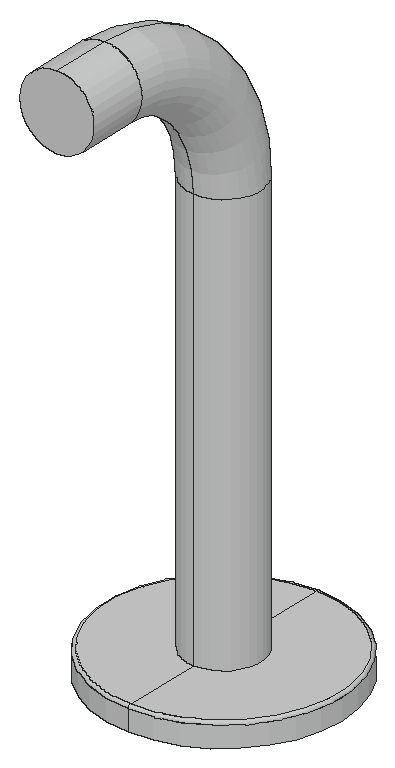
Revit family "Spout_BasinBath_Abey_LuciaBuilders_200_FaceBased", category Plumbing Fixtures, host Face, Revit 2022
Family settings
  Host = Face
  Round Connector Dimension = Use Diameter
  Part Type = Normal
  OmniClass Number = 23.31.11.19
  OmniClass Title = Faucet Mixing Valves
  Cut with Voids When Loaded = Yes
  Maintain Annotation Orientation = No
  Shared = No
  Room Calculation Point = No
Parameters (values of type "Chrome (4CS-200-LF)")
  Waste Connection = no
  Vent Connection = no
  Uniclass2015Version = "Products v1.38"
  Uniclass2015Title = "Mixer taps"
  Uniclass2015Code = "Pr_40_20_87_55"
  URL = "https://www.abey.com.au/"
  Type Comments = "Spout - Basin Bath - 200 - Chrome"
  ModifiedIssue = 20251103
  Model = "4CS-200-LF"
  Material = Metal_Abey_Chrome
  ManufacturerURLProductSpecific = "https://www.abeyspecifier.com.au/product/lucia-builders-basin-bath-outlet-200mm/"
  ManufacturerSpecCode = Model  # "4CS-200-LF"
  ManufacturerOverallWidth = 80 mm  # constant formula
  ManufacturerOverallHeight = 110 mm  # constant formula
  ManufacturerOverallDepth = 212.5 mm  # constant formula
  Manufacturer = "Abey"
  Keynote = ""
  IfcExportType = "FAUCET"
  IfcExportAs = "IfcValve"
  HW Connection = yes
  Description = "Lucia Builders 200mm Basin/Bath Spout Chrome"
  Default Elevation = 1050 mm
  CreatedByURL = "https://igsgroup.com.au"
  CreatedBy = "IGS BIM Solutions"  # constant formula
  Cost = 0
  CW Connection = yes
  Assembly Code = "C1030210"
Types (3, lengths in mm): name | Type Comments | Model | Material | ManufacturerURLProductSpecific | ManufacturerSpecCode | Description
  Chrome (4CS-200-LF) | "Spout - Basin Bath - 200 - Chrome" | "4CS-200-LF" | Metal_Abey_Chrome | "https://www.abeyspecifier.com.au/product/lucia-builders-basin-bath-outlet-200mm/" | "4CS-200-LF" | "Lucia Builders 200mm Basin/Bath Spout Chrome"
  Brushed Nickel (4CS-200-BN-LF) | "Spout - Basin Bath - 200 - Brushed Nickel" | "4CS-200-BN-LF" | Metal_Abey_BrushedNickel | "https://www.abeyspecifier.com.au/product/lucia-builders-basin-bath-outlet-200mm/?attribute_pa_finish=brushed-nickel" | "4CS-200-BN-LF" | "Lucia Builders 200mm Basin/Bath Spout Brushed Nickel"
  Black (4CS-200-B-LF) | "Spout - Basin Bath - 200 - Black" | "4CS-200-B-LF" | Metal_Abey_Black | "https://www.abeyspecifier.com.au/product/lucia-builders-basin-bath-outlet-200mm/?attribute_pa_finish=black" | "4CS-200-B-LF" | "Lucia Builders 200mm Basin/Bath Spout Black"
Reference planes
  plane 1 "Top": y = 31.5
  plane 2 "WallFace": z = 0
  plane 3 "Center (Left/Right)": x = -97.18
  plane 4 "Bottom": y = -78.5
  plane 5 "Left": x = -137.18
  plane 6 "Right": x = -57.18
  plane 7 "Back": z = 0
  plane 8 "Front": z = 212.5
  plane 9 "MountingHeight": y = -8.5
Forms (mm)
  Extrusion 1, void
    sketch origin (0, 0, 0) x (1, 0, 0) y (0, 1, 0)
      loop
        circle (-97.18, -8.5) r 15
    from 0 to -30
Text (mm)
  text "Disclaimer:\nDue to ongoing product development and manufacturing evolution, product details are subject to change without notice. Please refer to product technical data sheets on the manufacturers website for the most current product information. Please allow a +/- 5mm manufacturing tolerance for dimensions and set-outs shown in product literature." at (431.593, 11.453, 0), in view "Ref. Level"
Dimensions and locks
  equal spacing: plane 5 "Left", plane 3 "Center (Left/Right)", plane 6 "Right"
  "ManufacturerOverallWidth": plane 5 "Left" to plane 6 "Right"
  "ManufacturerOverallHeight": plane 4 "Bottom" to plane 1 "Top"
  "ManufacturerOverallDepth": plane 8 "Front" to plane 7 "Back"
  locked: plane 9 "MountingHeight" to plane 1 "Top" at 40
  aligned and locked: plane 2 "WallFace" to host face
  aligned and locked: level to host face
  aligned and locked: plane 7 "Back" to plane 2 "WallFace"
  aligned and locked: plane 7 "Back" to nested 1
  aligned and locked: plane 3 "Center (Left/Right)" to nested 1
  aligned and locked: nested 1 to plane 9 "MountingHeight"
Automatic sketch dimensions
  host sketch curve to host sketch curve = 329.098 mm
  host sketch curve to host sketch curve = 282.2 mm
  Extrusion 1 sketch curve to plane 9 "MountingHeight" = 0 mm
  Extrusion 1 sketch curve to plane 5 "Left" = 40 mm
  radius of Extrusion 1 sketch curve = 15 mm
Nested families
  nested 1: "z_Spout_BasinBath_Abey_LuciaBuilders_200" at (-42.174, -8.5, 305) x (1, 0, 0) z (0, 1, 0), type "Type 1"
Connectors
  piping at (-104.53, -8.5, -1), diameter 12.7, driven by "HW Connection"
    settings: on nested 1, index 1, connector inside diameter 24", connector length 0 mm, flow factor 0, pipe flow 0.00 L/s, pressure drop 0 kPa, fitting loss kfactor 0, connector angle 0.00°, fixture units 0, engagement length 0 mm, angle of deflection 0.00°, flow configuration 2, flow direction 1, fitting loss method 0, system type 19, joint type 0, gender type 0, connector reference index -1, connector utility 1, adjustable connector no, is connector primary yes, connector description "Hot Water Supply"
  piping at (-89.83, -8.5, -1), diameter 12.7, driven by "CW Connection"
    settings: on nested 1, index 2, connector inside diameter 24", connector length 0 mm, flow factor 0, pipe flow 0.00 L/s, pressure drop 0 kPa, fitting loss kfactor 0, connector angle 0.00°, fixture units 0, engagement length 0 mm, angle of deflection 0.00°, flow configuration 2, flow direction 1, fitting loss method 0, system type 20, joint type 0, gender type 0, connector reference index -1, connector utility 1, adjustable connector no, is connector primary no, connector description "Cold Water Supply"
Definition of nested family "z_Spout_BasinBath_Abey_LuciaBuilders_200"
  Parameters (values of type "Type 1")
    Waste Connection = no
    Vent Connection = no
    URL = "https://www.abey.com.au/"
    Type Comments = ""
    Model = ""
    ManufacturerOverallWidth = 80 mm  # constant formula
    ManufacturerOverallHeight = 110 mm  # constant formula
    ManufacturerOverallDepth = 212.5 mm  # constant formula
    Manufacturer = "Abey"
    HW Connection = yes
    Description = ""
    Default Elevation = 0 mm
    CreatedByURL = "https://igsgroup.com.au"
    CreatedBy = "IGS BIM Solutions"  # constant formula
    CW Connection = yes
    Material = none
    Assembly Code = "C1030210"
  Reference planes
    plane 1 "Ref. Level": z = 0
    plane 2 "Left": x = -95.006
    plane 3 "Back": y = 305
    plane 4 "SpoutCenter": y = 105
    plane 5 "Center (Left/Right)": x = -55.006
    plane 6 "Front": y = 92.5
    plane 7 "Right": x = -15.006
    plane 8 "Bottom": z = -70
    plane 9 "Top": z = 40
    plane 10 "MountingHeight": z = 0
  Forms (mm)
    Extrusion 1, solid, material <- "Material"
      sketch origin (-45.006, 305, 1015.5) x (-1, 0, 0) y (0, 0, 1)
        loop
          circle (2.65, -1015.5) r 6.35
        loop
          circle (17.35, -1015.5) r 6.35
      from 0 to 1
    Revolve 2, solid, material <- "Material"
      sketch origin (-55.006, 1216.962, 4160) x (0, 1, 0) y (0, 0, 1)
        loop
          line (-911.962, -4160) -> (-911.962, -4120) -> (-918.962, -4120)
          arc (-918.962, -4120) -> (-919.669, -4120.293) -> (-919.962, -4121) r 1
          line (-919.962, -4121) -> (-919.962, -4160) -> (-911.962, -4160)
        axis (-911.962, -4160) -> (-919.962, -4160)
      angle from 0 to 360
    Sweep 3, solid, material <- "Material"
      path origin (-55.006, 1216.962, 4160) x (0, 1, 0) y (0, 0, 1)
        loop
          line (-911.962, -4160) -> (-1061.962, -4160)
          arc (-1061.962, -4160) -> (-1097.317, -4174.645) -> (-1111.962, -4210) r 50
      profile origin (-55.006, 230, 0) x (0, 0, -1) y (1, 0, 0)
        loop
          circle (0, 0) r 12.5
    Extrusion 4, solid, material <- "Material"
      sketch origin (0, -1484, -70) x (0, -1, 0) y (-1, 0, 0)
        loop
          circle (-1589, 55.006) r 12.5
      from 0 to -20
  Cuts and joins
    joined: Revolve 2, Sweep 3
  Lines and regions (mm)
    Masking region 1
      outline origin (0, 0, 40) x (0, -1, 0) y (1, 0, 0)
        loop
          line (-305, -95.006) -> (-298, -95.006)
          arc (-298, -95.006) -> (-297.293, -94.713) -> (-297, -94.006) r 1
          line (-297, -94.006) -> (-297, -67.506) -> (-105, -67.506)
          arc (-105, -67.506) -> (-92.5, -55.006) -> (-105, -42.506) r 12.5
          line (-105, -42.506) -> (-297, -42.506) -> (-297, -16.006)
          arc (-297, -16.006) -> (-297.293, -15.299) -> (-298, -15.006) r 1
          line (-298, -15.006) -> (-305, -15.006) -> (-305, -95.006)
    symbolic lines, detail levels medium+fine
      curve 1: line (-67.506, 297, 40) -> (-42.506, 297, 40)
    symbolic lines
      curve 2: arc (-67.506, 92.5, 0) -> (-55.006, 92.5, 12.5) -> (-42.506, 92.5, 0) r 12.5
  Dimensions and locks
    "ManufacturerOverallDepth": plane 3 "Back" to plane 6 "Front"
    locked: plane 4 "SpoutCenter" to plane 6 "Front" at 12.5
    equal spacing: plane 2 "Left", plane 5 "Center (Left/Right)", plane 7 "Right"
    "ManufacturerOverallWidth": plane 2 "Left" to plane 7 "Right"
    "ManufacturerOverallHeight": plane 9 "Top" to plane 8 "Bottom"
    locked: plane 9 "Top" to plane 10 "MountingHeight" at 40
    aligned and locked: level to plane 1 "Ref. Level"
  Automatic sketch dimensions
    Extrusion 1 sketch curve to level = 0 mm  (x2)
    plane 5 "Center (Left/Right)" to Extrusion 1 sketch curve = 7.35 mm
    Extrusion 1 sketch curve to plane 5 "Center (Left/Right)" = 7.35 mm
    Sweep 3 sketch curve to level = 0 mm
    Sweep 3 sketch curve to plane 3 "Back" = 0 mm
    Sweep 3 sketch curve to plane 8 "Bottom" = 20 mm
    Sweep 3 sketch curve to plane 5 "Center (Left/Right)" = 0 mm
    Sweep 3 sketch curve to profile plane = 0 mm
    Revolve 2 sketch curve to level = 0 mm  (x2)
    plane 9 "Top" to Revolve 2 sketch curve = 0 mm
    Revolve 2 sketch curve to plane 3 "Back" = 0 mm  (x2)
    plane 9 "Top" to Revolve 2 sketch curve = 1 mm
    plane 3 "Back" to Revolve 2 sketch curve = 7 mm
    Revolve 2 sketch curve to Revolve 2 sketch curve = 0 mm
    Sweep 3 sketch curve to plane 4 "SpoutCenter" = 0 mm
    Extrusion 4 sketch curve to plane 4 "SpoutCenter" = 0 mm
    Extrusion 4 sketch curve to plane 5 "Center (Left/Right)" = 0 mm
    plane 3 "Back" to Masking region 1 sketch curve = 0 mm
    Masking region 1 sketch curve to plane 7 "Right" = 0 mm
    Masking region 1 sketch curve to plane 2 "Left" = 0 mm
    Masking region 1 sketch curve to plane 4 "SpoutCenter" = 0 mm
    Masking region 1 sketch curve to plane 5 "Center (Left/Right)" = 0 mm
    Masking region 1 sketch curve to Masking region 1 sketch curve = 7 mm  (x2)
    plane 2 "Left" to Masking region 1 sketch curve = 1 mm
    Masking region 1 sketch curve to Masking region 1 sketch curve = 1 mm
    Masking region 1 sketch curve to Masking region 1 sketch curve = 12.5 mm
    plane 3 "Back" to curve 1 = 8 mm
    curve 1 to plane 5 "Center (Left/Right)" = 12.5 mm
    plane 5 "Center (Left/Right)" to curve 1 = 12.5 mm
    curve 2 to level = 0 mm
    curve 2 to plane 5 "Center (Left/Right)" = 0 mm
    plane 5 "Center (Left/Right)" to curve 2 = 12.5 mm
    radius of Extrusion 1 sketch curve = 6.35 mm  (x2)
    radius of Sweep 3 sketch curve = 12.5 mm
    radius of Extrusion 4 sketch curve = 12.5 mm
